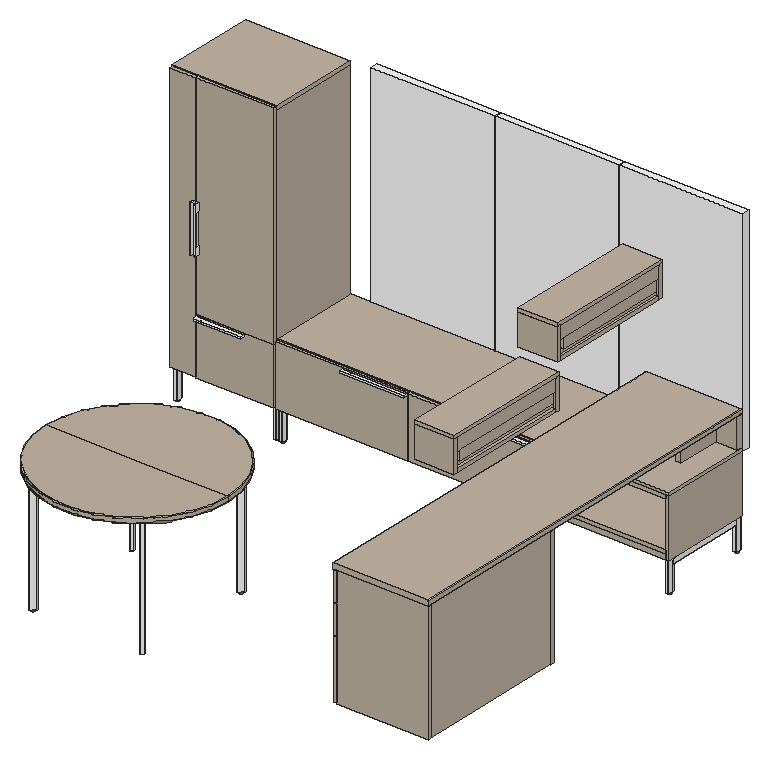
Revit family "FLT005", category Furniture, Revit 2019
Family settings
  OmniClass Number = 23.40.20.00
  OmniClass Title = General Furniture and Specialties
  Work Plane-Based = No
  Always vertical = Yes
  Cut with Voids When Loaded = No
  Shared = Yes
  Room Calculation Point = No
Parameters
  Series = "Flux Laminate"
  Manufacturer = "JSI"
  Description = "FLT005"
Reference planes (in)
  plane 1 "Center Front/Back": y = 0
  plane 2: z = 0
  plane 3 "Center Left/Right": x = 0
Dimensions and locks (in)
  aligned and locked: level to plane 2
Nested families (in)
  nested 1: "JSI-Flux- Lt_File_Pdst_Crdnz_Lg" at (-2.93587, 66.25, 0), type "FLT2290-21L660, Lt File Opn Pdst Crdnz, Fls Lg, Laminate"
    with Width 7' - 6", R_Shocket Dist 1' - 0.29167", R_Pull Dist 4' - 11.61979", R_Pull no, R2_Partition no, Leg Width 7' - 6", L_Socket Dist 7' - 7", Partition Dist 2' - 4.95833", L_Pull Dist 2' - 6.38021", Flush Legs yes, L666 no, L660 yes, Door Width 2' - 6.33333", Door Array Dist 0' - 0", C_Pull Dist 4' - 3.90885"
  nested 2: "JSI-Flux-Wall_Mount_Tack_Panel" at (57.81525, 68.70128, -8.53364), type "FLB3049WT, Wall Mount Tack Panel"
    with Width 2' - 6", Height 4' - 1", Depth 0' - 1.56"
  nested 3: "JSI-Flux-Wall_Mount_Tack_Panel" at (29.31014, 68.7011, -8.53364), type "FLB3049WT, Wall Mount Tack Panel"
    with Width 2' - 6", Height 4' - 1", Depth 0' - 1.56"
  nested 4: "JSI-Flux_9_D_Wall_Mount_Cub" at (39.43755, -10.98165, 22.39107) x (0, -1, 0) z (0, 0, 1), type "FLT0930WCU, 9" D Wall Mount Cub, Laminate"
    with Width 2' - 6", Cubbie Distance 1' - 2 5/8", Cubbie Array dist 0' - 0", # of Cubbies 2
  nested 5: "JSI-Flux_9_D_Wall_Mount_Cub" at (39.3959, 18.74498, 32.4783) x (0, -1, 0) z (0, 0, 1), type "FLT0930WCU, 9" D Wall Mount Cub, Laminate"
    with Width 2' - 6", Cubbie Distance 1' - 2 5/8", Cubbie Array dist 0' - 0", # of Cubbies 2
  nested 6: "JSI-Flux-Round_Table" at (13.73533, -16.15677, 0), type "FLT4242RT,Laminate 42x42 Round Table"
  nested 7: "JSI-Flux-Wall_Mount_Tack_Panel" at (0.79927, 68.70349, -8.53364), type "FLB3049WT, Wall Mount Tack Panel"
    with Width 2' - 6", Height 4' - 1", Depth 0' - 1.56"
  nested 8: "JSI-Flux-Pensl_Crednz" at (40.125, 40.81087, 0.26623) x (0, -1, 0) z (0, 0, 1), type "FLT2290-29FPCK3, BBF Lt Pnsl Crdnz, L, Laminate"
    with Width 7' - 6", V_Top_Support_Dist 0' - 0 1/16", Top_Right_Pull_Dist 0' - 0 7/32", Top_Left_Pull_Dist 0' - 0 7/32", Pdst_L no, Pdst_Dist 4' - 5 15/16", Pdst_Depth 1' - 9 3/4", H_Top_Support_Dist 0' - 1 1/4", Depth 1' - 10", C_Pull_Dist 0' - 0 7/32", Bottom_Pull_Dist 0' - 0 7/32"
  nested 9: "JSI-Flux-Wardrobe-Sc_Ht" at (-27.21717, 66.16678, 0), type "FLT2224-69SL5DWL, File Drw Strg Cab, Wb, L, Fls Lg, Laminate"
    with Top_2_Pull_Dist 2' - 2 1/16", Leg_Width 2' - 0 1/16", H_Void_Width 1' - 6", Top_Shelf_Width 1' - 4 1/2", Width 2' - 0 1/16", C_Shelf_Width 1' - 4 1/2"
Definition of nested family "JSI-Flux- Lt_File_Pdst_Crdnz_Lg"
  Parameters (values of type "Type Catalog - Lt File Pdst Crdnz Lg")
    Worksurface = none
    Width = 8' - 0"
    URL = "www.jsifurniture.com"
    Type Comments = ""
    TAG = if(L666, "1 Drawer - 1 Drawer - 1 Drawer", (if(L66, (if(L0, "Open", "1 Drawer - 1 Drawer")), (if(L066, "Open - 1 Drawer - 1 Drawer", (if(L660, "1 Drawer - 1 Drawer - Open", (if(L06, "Open - 1 Drawer", (if(L60, "1 Drawer - Open", (if(L606, "1 Drawer - Open - 1 Drawer", (if(L060, (if(L0, "Open", "Open - 1 Drawer - Open")), (if(L909, "1 Door - Open - 1 Door", (if(L090, "Open - 1 Door - Open", (if(L09, (if(L0, "Open", "Open - 1 Door")), "Open")))))))))))))))))))))  # "1 Drawer - 1 Drawer - 1 Drawer"
    R_Shocket Dist = if(L666, Width + 0' 1", (if(L066, Width + 0' 1", (if(L606, ((Width / 2) - 0' 3"), ((Partition Dist / 2) + 0' 0 13/16" - 0' 3"))))))  # 8' - 1"
    R_Pull Dist = if(L66, (Door Width + 0' 0 1/4" + 0' 0 5/64"), (if(L06, (Door Width + 0' 0 1/4" + 0' 0 5/64"), (Door Width + (Width - ((Door Width + 0' 0 1/8") * 2) + 0' 0 13/64")))))  # 5' - 3.61979"
    R_Pull = if(L660, 1 > 2, (if(L60, 1 > 2, (if(L060, 1 > 2, (if(L909, 1 > 2, (if(L090, 1 > 2, (if(L09, 1 > 2, (if(L0, 1 > 2, 2 > 1)))))))))))))  # yes
    R2_Partition = if(L660, 1 > 2, (if(L60, 1 > 2, (if(L09, 1 > 2, (if(Width < 3' 4", 1 > 2, 2 > 1)))))))  # yes
    R1_Partition = if(L06, 1 > 2, (if(L606, 1 > 2, (if(L060, 1 > 2, (if(L909, 1 > 2, (if(L090, 1 > 2, (if(Width < 3' 4", 1 > 2, 2 > 1)))))))))))  # yes
    Legs = none
    Leg Width = if(Flush Legs, Width, Width - (((Partition Dist / 2) + 0' 0 3/4" + 0' 0 1/16" - 0' 0 7/32") * 2))  # 5' - 3.85417"
    Leg Depth = Depth - 0' 0 7/8" - 0' 0 1/16"  # 1' - 9 1/16"
    L_Socket Dist = if(L666, Width + 0' 1", (if(L660, Width + 0' 1", (if(L606, ((Width / 2) - 0' 3"), ((Partition Dist / 2) + 0' 0 13/16" - 0' 3"))))))  # 8' - 1"
    Partition Dist = if(Width > 6' 6", ((Width - 0' 1 5/8" - 0' 1 1/2") / 3), (if(Width > 3' 0", (((Width - 0' 1 5/8") / 2) - 0' 0 3/4"), (Width - 0' 0 3/4" - 0' 1 5/8"))))  # 2' - 6.95833"
    Shelf = none
    Series = "FLUX"  # constant formula
    Pull Finish = none
    Model = ""
    Manufacturer = "JSI"  # constant formula
    L_Pull Dist = Door Width + 0' 0 1/8" - 0' 0 5/64"  # 2' - 8.38021"
    L_Pull = if(L066, 1 > 2, (if(L06, 1 > 2, (if(L060, 1 > 2, (if(L909, 1 > 2, (if(L090, 1 > 2, (if(L09, 1 > 2, (if(L0, 1 > 2, 2 > 1)))))))))))))  # yes
    L6 = no
    L2_Partition = if(L60, 1 > 2, (if(L606, 1 > 2, (if(L060, 1 > 2, (if(L909, 1 > 2, (if(L090, 1 > 2, (if(L09, 1 > 2, (if(Width < 3' 4", 1 > 2, 2 > 1)))))))))))))  # yes
    L1_Partition = if(L066, 1 > 2, (if(L06, 1 > 2, (if(Width < 3' 4", 1 > 2, 2 > 1)))))  # yes
    Keynote = "12500"
    JSI Enviromental Website = "http://www.jsifurniture.com/jsi_sustainability_intro.php"
    Height = 1' - 9 1/4"
    Glides = none
    Glide = if(L0, 1 > 2, 2 > 1)  # yes
    Flush Legs = no
    L909 = no
    L666 = yes
    L660 = no
    L66 = no
    L606 = no
    L60 = no
    L090 = no
    L09 = no
    L066 = no
    L060 = no
    L06 = no
    L0 = no
    Door Width = if(L09, Partition Dist + 0' 1 3/8" + 0' 0 3/4", (if(Width < 3' 6", (Width - 0' 0 1/4"), Partition Dist + 0' 1 3/8")))  # 2' - 8.33333"
    Door Height = Height - 0' 7 3/16" - 0' 0 1/4"  # 1' - 1 13/16"
    Door Dist = if(L066, ((Partition Dist * 2) + 0' 1 5/8"), (if(L06, (Partition Dist + 0' 1 5/8"), (if(L060, (Partition Dist + 0' 0 7/8"), (if(L090, (Partition Dist + 0' 0 7/8"), (if(L09, (Partition Dist + 0' 0 7/8"), 0' 0 1/8")))))))))  # 0' - 0 1/8"
    Door Array Dist = if(L606, (Door Width + Partition Dist + 0' 0 1/8"), (if(L909, (Door Width + Partition Dist + 0' 0 1/8"), (if(L666, (Door Width + Partition Dist + 0' 0 1/8"), (if(L66, (Door Width + 0' 0 1/8"), 0' 0")))))))  # 5' - 3.41667"
    Door = if(L0, (if(L6, 2 > 1, 1 > 2)), 2 > 1)  # yes
    C_Pull Dist = if(L066, Door Width + 0' 0 1/8" + 0' 7 55/128" + 0' 0 13/64", (if(L660, (Door Width + (Width - ((Door Width + 0' 0 1/8") * 2) - 0' 0 5/64" - 0' 7 55/128")), Width / 2)))  # 4' - 0"
    C_Pull = if(L666, 2 > 1, (if(L066, 2 > 1, (if(L660, 2 > 1, (if(L6, 2 > 1, (if(L060, (if(L0, 1 > 2, 2 > 1)), 1 > 2)))))))))  # yes
    C_Doors = if(L666, 2 > 1, (if(L066, 2 > 1, (if(L660, 2 > 1, 1 > 2)))))  # yes
    Back Panel = none
    Door Front = none
    Description = ""
    Depth = 1' - 10"
    Chassis = none
    Assembly Code = "E2020200"
    # of Shelf = if(L909, 3, (if(L090, 3, (if(L0, (if(Width > 6' 6", 3, 2)), 2)))))  # 2
    # of Doors = 2
  Reference planes (in)
    plane 1: z = 0
    plane 2 "Center (Left/Right)": x = -36.06413
    plane 3 "Center (Front/Back)": y = 10.75
    plane 4: x = 59.93587
    plane 5: x = -36.00163
    plane 6: y = 10.6875
    plane 7: x = 59.87337
    plane 8: x = 11.93587
    plane 9: y = 10.625
    plane 10: y = -11.25
    plane 11: y = -11.125
    plane 12: y = -10.375
    plane 13: y = 9.875
    plane 14: y = 8.6875
    plane 15: y = 6.5
    plane 16: y = 6
    plane 17: y = 5.875
    plane 18: y = -6.375
    plane 19: y = -8.125
    plane 20: z = 7.1875
    plane 21: z = 8.375
    plane 22: z = 9.125
    plane 23: z = 21.25
    plane 24: z = 20.5
    plane 25: z = 19.75
    plane 26: z = 17.75
    plane 27: z = 13.5625
    plane 28: z = 21.125
    plane 29: x = -4.2933
    plane 30: x = 28.16503
    plane 31: x = -3.5433
    plane 32: x = 27.41503
    plane 33: x = -35.25163
    plane 34: x = 59.12337
    plane 35: x = 9.93587
    plane 36: x = 13.93587
    plane 37: y = 8.4375
    plane 38: z = 16.0625
    plane 39: x = 60.93587
    plane 40: x = 66.93587
    plane 41: x = 8.93587
    plane 42: x = 14.93587
    plane 43: y = 9.375
    plane 44: y = 6.875
    plane 45: z = 20.375
    plane 46: z = 7.3125
    plane 47: z = 21.125
    plane 48: x = -35.93913
    plane 49: x = 59.81087
    plane 50: x = -2.7933
    plane 51: x = 26.66503
    plane 52: x = -3.6058
    plane 53: x = -3.4808
    plane 54: x = 27.35253
    plane 55: x = 27.47753
    plane 56: x = -3.25163
    plane 57: x = 27.7067
    plane 58: x = 61.93587
    plane 59: x = 65.93587
    plane 60: x = -43.06413
    plane 61: x = -37.06413
    plane 62: x = -42.06413
    plane 63: x = -38.06413
    plane 64: x = -34.93913
    plane 65: x = 58.12337
    plane 66: y = -9.375
    plane 67: z = 20.92187
    plane 68: x = -3.68393
    plane 69: x = 11.93587
    plane 70: x = 27.55566
    plane 71: x = 11.93587
    plane 72: y = 0.15625
    plane 73: x = 11.93587
    plane 74: z = 14.8125
  Forms (in)
    Extrusion 1, solid, material <- "Chassis"
      sketch origin (0, 0, 0) x (1, 0, 0) y (0, 1, 0)
        loop
          line (-36.00163, 10.6875) -> (-36.00163, -10.375) -> (-35.25163, -10.375) -> (-35.25163, 10.6875) -> (-36.00163, 10.6875)
      from 7.1875 to 20.5
    Extrusion 2, solid, material <- "Chassis"
      sketch origin (0, 0, 0) x (1, 0, 0) y (0, 1, 0)
        loop
          line (59.12337, 10.6875) -> (59.12337, -10.375) -> (59.87337, -10.375) -> (59.87337, 10.6875) -> (59.12337, 10.6875)
      from 7.1875 to 20.5
    Extrusion 3, solid, material <- "Worksurface"
      sketch origin (0, 0, 0) x (0, 1, 0) y (0, 0, 1)
        loop
          line (6, 19.75) -> (6, 20.5) -> (-10.375, 20.5) -> (-10.375, 19.75) -> (6, 19.75)
      from -35.25163 to 59.12337
    Extrusion 4, solid, material <- "Chassis"
      sketch origin (0, 0, 0) x (0, 1, 0) y (0, 0, 1)
        loop
          line (9.875, 9.125) -> (-10.375, 9.125) -> (-10.375, 8.375) -> (9.875, 8.375) -> (9.875, 9.125)
      from -35.25163 to 59.12337
    Extrusion 5, solid, material <- "Chassis", visible <- "L1_Partition"
      sketch origin (0, 0, 0) x (0, 1, 0) y (0, 0, 1)
        loop
          line (6.5, 19.75) -> (-10.375, 19.75) -> (-10.375, 9.125) -> (9.875, 9.125) -> (9.875, 17.75) -> (7, 17.75)
          arc (7, 17.75) -> (6.64645, 17.89645) -> (6.5, 18.25) r 0.5
          line (6.5, 18.25) -> (6.5, 19.75)
      from -4.2933 to -3.5433
    Extrusion 6, solid, material <- "Chassis", visible <- "R2_Partition"
      sketch origin (0, 0, 0) x (0, 1, 0) y (0, 0, 1)
        loop
          line (6.5, 19.75) -> (-10.375, 19.75) -> (-10.375, 9.125) -> (9.875, 9.125) -> (9.875, 17.75) -> (7, 17.75)
          arc (7, 17.75) -> (6.64645, 17.89645) -> (6.5, 18.25) r 0.5
          line (6.5, 18.25) -> (6.5, 19.75)
      from 27.41503 to 28.16503
    Extrusion 7, solid, material <- "Back Panel"
      sketch origin (0, 0, 0) x (0, 1, 0) y (0, 0, 1)
        loop
          line (8.6875, 20.5) -> (8.6875, 17.75) -> (9.875, 17.75) -> (9.875, 20.5) -> (8.6875, 20.5)
      from -35.25163 to 59.12337
    Extrusion 8, solid, material <- "Chassis"
      sketch origin (0, 0, 0) x (0, 1, 0) y (0, 0, 1)
        loop
          line (9.875, 8.375) -> (5.875, 8.375) -> (5.875, 7.1875) -> (9.875, 7.1875) -> (9.875, 8.375)
      from -35.25163 to 59.12337
    Extrusion 9, solid, material <- "Chassis"
      sketch origin (0, 0, 0) x (0, 1, 0) y (0, 0, 1)
        loop
          line (-6.375, 8.375) -> (-10.375, 8.375) -> (-10.375, 7.1875) -> (-6.375, 7.1875) -> (-6.375, 8.375)
      from -35.25163 to 59.12337
    Extrusion 10, solid, material <- "Back Panel"
      sketch origin (0, 0, 0) x (1, 0, 0) y (0, 1, 0)
        loop
          line (59.12337, 10.625) -> (-35.25163, 10.625) -> (-35.25163, 9.875) -> (59.12337, 9.875) -> (59.12337, 10.625)
      from 7.1875 to 20.5
    Extrusion 11, solid, material <- "Chassis", visible <- "L2_Partition"
      sketch origin (0, 0, 0) x (0, 1, 0) y (0, 0, 1)
        loop
          line (6.5, 19.75) -> (-10.375, 19.75) -> (-10.375, 9.125) -> (9.875, 9.125) -> (9.875, 17.75) -> (7, 17.75)
          arc (7, 17.75) -> (6.64645, 17.89645) -> (6.5, 18.25) r 0.5
          line (6.5, 18.25) -> (6.5, 19.75)
      from -3.5433 to -2.7933
    Extrusion 12, solid, material <- "Chassis", visible <- "R1_Partition"
      sketch origin (0, 0, 0) x (0, 1, 0) y (0, 0, 1)
        loop
          line (6.5, 19.75) -> (-10.375, 19.75) -> (-10.375, 9.125) -> (9.875, 9.125) -> (9.875, 17.75) -> (7, 17.75)
          arc (7, 17.75) -> (6.64645, 17.89645) -> (6.5, 18.25) r 0.5
          line (6.5, 18.25) -> (6.5, 19.75)
      from 26.66503 to 27.41503
    Extrusion 13, void
      sketch origin (-1.5, 0, 0) x (1, 0, 0) y (0, 0, 1)
        loop
          line (62.43587, 15.0625) -> (62.43587, 14.5625)
          arc (62.43587, 14.5625) -> (62.72876, 13.85539) -> (63.43587, 13.5625) r 1
          line (63.43587, 13.5625) -> (67.43587, 13.5625)
          arc (67.43587, 13.5625) -> (68.14297, 13.85539) -> (68.43587, 14.5625) r 1
          line (68.43587, 14.5625) -> (68.43587, 15.0625)
          arc (68.43587, 15.0625) -> (68.14297, 15.76961) -> (67.43587, 16.0625) r 1
          line (67.43587, 16.0625) -> (63.43587, 16.0625)
          arc (63.43587, 16.0625) -> (62.72876, 15.76961) -> (62.43587, 15.0625) r 1
      from -10.75 to -9.875
    Extrusion 14, void
      sketch origin (0, 0, 0) x (1, 0, 0) y (0, 1, 0)
        loop
          line (65.93587, 10.75) -> (61.93587, 10.75) -> (61.93587, 9.875)
          arc (61.93587, 9.875) -> (62.08231, 9.52145) -> (62.43587, 9.375) r 0.5
          line (62.43587, 9.375) -> (65.43587, 9.375)
          arc (65.43587, 9.375) -> (65.78942, 9.52145) -> (65.93587, 9.875) r 0.5
          line (65.93587, 9.875) -> (65.93587, 10.75)
      from 20.125 to 21.125
    Extrusion 15, void
      sketch origin (0, 0, 0) x (1, 0, 0) y (0, 0, 1)
        loop
          arc (-42.06413, 16.0625) -> (-42.77124, 15.76961) -> (-43.06413, 15.0625) r 1
          line (-43.06413, 15.0625) -> (-43.06413, 14.5625)
          arc (-43.06413, 14.5625) -> (-42.77124, 13.85539) -> (-42.06413, 13.5625) r 1
          line (-42.06413, 13.5625) -> (-38.06413, 13.5625)
          arc (-38.06413, 13.5625) -> (-37.35703, 13.85539) -> (-37.06413, 14.5625) r 1
          line (-37.06413, 14.5625) -> (-37.06413, 15.0625)
          arc (-37.06413, 15.0625) -> (-37.35703, 15.76961) -> (-38.06413, 16.0625) r 1
          line (-38.06413, 16.0625) -> (-42.06413, 16.0625)
      from -10.75 to -9.875
    Extrusion 16, solid, material <- "Door Front", visible <- "C_Doors"
      sketch origin (0, 0, 0) x (1, 0, 0) y (0, 1, 0)
        loop
          line (-3.4808, -10.375) -> (-3.4808, -11.125) -> (27.35253, -11.125) -> (27.35253, -10.375) -> (-3.4808, -10.375)
      from 7.3125 to 21.125
    Extrusion 17, solid, material <- "Door Front", visible <- "Door"
      sketch origin (0, 0, 7.125) x (1, 0, 0) y (0, 0, 1)
        loop
          line (-35.93913, 14) -> (-35.93913, 0.1875) -> (-3.6058, 0.1875) -> (-3.6058, 14) -> (-35.93913, 14)
      from 10.375 to 11.125
    Extrusion 18, solid, material <- "Door Front", visible <- "Door"
      sketch origin (63.41667, 0, 7.125) x (1, 0, 0) y (0, 0, 1)
        loop
          line (-35.93913, 14) -> (-35.93913, 0.1875) -> (-3.6058, 0.1875) -> (-3.6058, 14) -> (-35.93913, 14)
      from 10.375 to 11.125
    Extrusion 19, solid, material <- "Worksurface"
      sketch origin (0, 0, 0) x (0, 1, 0) y (0, 0, 1)
        loop
          line (10.75, 21.25) -> (-10.375, 21.25) -> (-10.375, 20.5) -> (10.75, 20.5) -> (10.75, 21.25)
      from -36.06413 to 59.93587
  Cuts and joins
    Extrusion 13, Extrusion 15 cuts Extrusion 10
  Lines and regions (in)
    symbolic lines
      curve 1: line (59.93587, 10.75, 0) -> (-36.06413, 10.75, 0)
      curve 2: line (-36.06413, 10.75, 0) -> (-36.06413, -11.25, 0)
      curve 3: line (59.93587, -11.25, 0) -> (-36.06413, -11.25, 0)
      curve 4: line (59.93587, 10.75, 0) -> (59.93587, -11.25, 0)
    symbolic lines, detail levels medium+fine
      curve 5: line (-36.00163, 10.6875, 0) -> (-36.00163, -10.375, 0)
      curve 6: line (-35.25163, 10.6875, 0) -> (-36.00163, 10.6875, 0)
      curve 7: line (-35.25163, 10.6875, 0) -> (-35.25163, -10.375, 0)
      curve 8: line (-35.25163, -10.375, 0) -> (-36.00163, -10.375, 0)
      curve 9: line (59.12337, 10.6875, 0) -> (59.12337, -11.125, 0)
      curve 10: line (59.87337, 10.6875, 0) -> (59.87337, -11.125, 0)
      curve 11: line (59.87337, 10.6875, 0) -> (59.12337, 10.6875, 0)
      curve 12: line (59.87337, -11.125, 0) -> (59.12337, -11.125, 0)
      curve 13: line (59.12337, 10.625, 0) -> (-35.25163, 10.625, 0)
      curve 14: line (59.12337, 9.875, 0) -> (-35.25163, 9.875, 0)
    symbolic lines, visible <- "L1_Partition", detail levels medium+fine
      curve 15: line (-4.2933, 9.875, 0) -> (-4.2933, -10.375, 0)
      curve 16: line (-3.5433, 9.875, 0) -> (-3.5433, -10.375, 0)
      curve 17: line (-3.5433, 9.875, 0) -> (-4.2933, 9.875, 0)
      curve 18: line (-3.5433, -10.375, 0) -> (-4.2933, -10.375, 0)
    symbolic lines, visible <- "L2_Partition", detail levels medium+fine
      curve 19: line (-3.5433, 9.875, 0) -> (-3.5433, -10.375, 0)
      curve 20: line (-2.7933, 9.875, 0) -> (-2.7933, -10.375, 0)
      curve 21: line (-2.7933, 9.875, 0) -> (-3.5433, 9.875, 0)
      curve 22: line (-2.7933, -10.375, 0) -> (-3.5433, -10.375, 0)
    symbolic lines, visible <- "R1_Partition", detail levels medium+fine
      curve 23: line (26.66503, 9.875, 0) -> (26.66503, -10.375, 0)
      curve 24: line (27.41503, 9.875, 0) -> (27.41503, -10.375, 0)
      curve 25: line (27.41503, 9.875, 0) -> (26.66503, 9.875, 0)
      curve 26: line (27.41503, -10.375, 0) -> (26.66503, -10.375, 0)
    symbolic lines, visible <- "R2_Partition", detail levels medium+fine
      curve 27: line (27.41503, 9.875, 0) -> (27.41503, -10.375, 0)
      curve 28: line (28.16503, 9.875, 0) -> (28.16503, -10.375, 0)
      curve 29: line (28.16503, -10.375, 0) -> (27.41503, -10.375, 0)
      curve 30: line (28.16503, 9.875, 0) -> (27.41503, 9.875, 0)
  Dimensions and locks (in)
    plane 2 "Center (Left/Right)" to plane 5 to plane 48 = 0' - 0 1/16" locked, 0' - 0 1/16" locked
    plane 49 to plane 7 to plane 4 = 0' - 0 1/16" locked, 0' - 0 1/16" locked
    "Width": plane 2 "Center (Left/Right)" to plane 4
    equal spacing: plane 2 "Center (Left/Right)", plane 8, plane 4
    plane 14 to plane 13 to plane 9 to plane 6 to plane 3 "Center (Front/Back)" = 0' - 1 3/16" locked, 0' - 0 3/4" locked, 0' - 0 1/16" locked, 0' - 0 1/16" locked
    "Depth": plane 10 to plane 3 "Center (Front/Back)"
    plane 10 to plane 11 to plane 12 = 0' - 0 1/8" locked, 0' - 0 3/4" locked
    plane 16 to plane 15 to plane 13 = 0' - 0 1/2" locked, 0' - 3 3/8" locked
    locked: plane 17 to plane 13 at 4
    locked: plane 12 to plane 18 at 4
    locked: plane 12 to plane 19 at 2.25
    locked: plane 23 to plane 24 at 0.75
    locked: plane 20 to plane 1 at 7.1875
    plane 24 to plane 25 to plane 26 = 0' - 0 3/4" locked, 0' - 2" locked
    locked: plane 22 to plane 21 at 0.75
    plane 29 to plane 31 to plane 50 = 0' - 0 3/4" locked, 0' - 0 3/4" locked
    plane 51 to plane 32 to plane 30 = 0' - 0 3/4" locked, 0' - 0 3/4" locked
    locked: plane 5 to plane 33 at 0.75
    locked: plane 34 to plane 7 at 0.75
    locked: plane 35 to plane 36 at 4
    equal spacing: plane 35, plane 8, plane 36
    locked: plane 37 to plane 13 at 1.4375
    locked: plane 38 to plane 27 at 2.5
    locked: plane 39 to plane 40 at 6
    locked: plane 41 to plane 42 at 6
    equal spacing: plane 41, plane 8, plane 42
    plane 44 to plane 43 to plane 13 = 0' - 2 1/2" locked, 0' - 0 1/2" locked
    locked: plane 46 to plane 20 at 0.125
    locked: plane 24 to plane 45 at 0.125
    "Door Height": plane 47 to plane 46
    plane 52 to plane 31 to plane 53 = 0' - 0 1/16" locked, 0' - 0 1/16" locked
    plane 54 to plane 32 to plane 55 = 0' - 0 1/16" locked, 0' - 0 1/16" locked
    "Partition Dist": plane 33 to plane 29
    "Partition Dist": plane 30 to plane 34
    Extrusion 13 sketch curve to Extrusion 13 sketch curve = 0' - 6"
    locked: plane 39 to plane 58 at 1
    locked: plane 59 to plane 40 at 1
    locked: plane 60 to plane 61 at 6
    locked: plane 60 to plane 62 at 1
    locked: plane 63 to plane 61 at 1
    "L_Socket Dist": plane 2 "Center (Left/Right)" to plane 39
    "R_Shocket Dist": plane 61 to plane 4
    "Door Height": Extrusion 17 sketch curve to Extrusion 17 sketch curve
    "Door Width": Extrusion 17 sketch curve to Extrusion 17 sketch curve
    "Door Height": Extrusion 18 sketch curve to Extrusion 18 sketch curve
    "Door Width": Extrusion 18 sketch curve to Extrusion 18 sketch curve
    group 1 to group 2 = 5' - 3.41667"
    group 1 to group 2 = 0' - 0"  (x2)
    "Door Array Dist": Extrusion 17 to Extrusion 18
    "Door Dist": Extrusion 17 to plane 2 "Center (Left/Right)"
    locked: plane 48 to plane 64 at 1
    locked: plane 65 to plane 34 at 1
    locked: plane 12 to plane 66 at 1
    locked: plane 47 to plane 67 at 0.20312
    "L_Pull Dist": plane 2 "Center (Left/Right)" to plane 68
    "C_Pull Dist": plane 2 "Center (Left/Right)" to plane 69
    "R_Pull Dist": plane 2 "Center (Left/Right)" to plane 70
    equal spacing: plane 2 "Center (Left/Right)", plane 71, plane 4
    equal spacing: plane 12, plane 72, plane 6
    equal spacing: plane 2 "Center (Left/Right)", plane 73, plane 4
    locked: plane 21 to plane 20 at 1.1875
    "Height": plane 23 to plane 1
    locked: plane 74 to plane 27 at 1.25
    equal spacing: plane 24, plane 74, plane 22
    aligned and locked: level to plane 1
    aligned and locked: Extrusion 1 sketch curve to plane 5
    aligned and locked: Extrusion 1 sketch curve to plane 6
    aligned and locked: Extrusion 1 sketch curve to plane 33
    aligned and locked: Extrusion 1 sketch curve to plane 12
    aligned and locked: Extrusion 2 sketch curve to plane 34
    aligned and locked: Extrusion 2 sketch curve to plane 7
    aligned and locked: Extrusion 2 sketch curve to plane 6
    aligned and locked: Extrusion 2 sketch curve to plane 12
    aligned and locked: plane 24 to Extrusion 1
    aligned and locked: Extrusion 1 to plane 20
    aligned and locked: plane 24 to Extrusion 2
    aligned and locked: Extrusion 2 to plane 20
    aligned and locked: plane 25 to Extrusion 3 sketch curve
    aligned and locked: plane 24 to Extrusion 3 sketch curve
    aligned and locked: plane 16 to Extrusion 3 sketch curve
    aligned and locked: plane 12 to Extrusion 3 sketch curve
    aligned and locked: Extrusion 3 to plane 33
    aligned and locked: plane 34 to Extrusion 3
    aligned and locked: plane 22 to Extrusion 4 sketch curve
    aligned and locked: plane 21 to Extrusion 4 sketch curve
    aligned and locked: plane 13 to Extrusion 4 sketch curve
    aligned and locked: plane 12 to Extrusion 4 sketch curve
    aligned and locked: Extrusion 4 to plane 33
    aligned and locked: plane 34 to Extrusion 4
    aligned and locked: plane 25 to Extrusion 5 sketch curve
    aligned and locked: plane 15 to Extrusion 5 sketch curve
    aligned and locked: plane 26 to Extrusion 5 sketch curve
    aligned and locked: plane 13 to Extrusion 5 sketch curve
    aligned and locked: plane 22 to Extrusion 5 sketch curve
    aligned and locked: plane 12 to Extrusion 5 sketch curve
    aligned and locked: Extrusion 5 to plane 29
    aligned and locked: plane 31 to Extrusion 5
    aligned and locked: plane 25 to Extrusion 6 sketch curve
    aligned and locked: plane 12 to Extrusion 6 sketch curve
    aligned and locked: plane 15 to Extrusion 6 sketch curve
    aligned and locked: plane 26 to Extrusion 6 sketch curve
    aligned and locked: plane 13 to Extrusion 6 sketch curve
    aligned and locked: plane 22 to Extrusion 6 sketch curve
    aligned and locked: plane 30 to Extrusion 6
    aligned and locked: Extrusion 6 to plane 32
    aligned and locked: plane 14 to Extrusion 7 sketch curve
    aligned and locked: plane 13 to Extrusion 7 sketch curve
    aligned and locked: plane 24 to Extrusion 7 sketch curve
    aligned and locked: plane 26 to Extrusion 7 sketch curve
    aligned and locked: Extrusion 7 to plane 33
    aligned and locked: plane 34 to Extrusion 7
    aligned and locked: plane 13 to Extrusion 8 sketch curve
    aligned and locked: plane 17 to Extrusion 8 sketch curve
    aligned and locked: plane 20 to Extrusion 8 sketch curve
    aligned and locked: plane 21 to Extrusion 8 sketch curve
    aligned and locked: plane 18 to Extrusion 9 sketch curve
    aligned and locked: plane 12 to Extrusion 9 sketch curve
    aligned and locked: plane 21 to Extrusion 9 sketch curve
    aligned and locked: plane 20 to Extrusion 9 sketch curve
    aligned and locked: Extrusion 8 to plane 33
    aligned and locked: Extrusion 9 to plane 33
    aligned and locked: plane 34 to Extrusion 8
    aligned and locked: plane 34 to Extrusion 9
    aligned and locked: Extrusion 10 sketch curve to plane 9
    aligned and locked: Extrusion 10 sketch curve to plane 13
    aligned and locked: Extrusion 10 sketch curve to plane 33
    aligned and locked: Extrusion 10 sketch curve to plane 34
    aligned and locked: Extrusion 10 to plane 20
    aligned and locked: plane 24 to Extrusion 10
    aligned and locked: plane 25 to Extrusion 11 sketch curve
    aligned and locked: plane 12 to Extrusion 11 sketch curve
    aligned and locked: plane 13 to Extrusion 11 sketch curve
    aligned and locked: plane 22 to Extrusion 11 sketch curve
    aligned and locked: plane 15 to Extrusion 11 sketch curve
    aligned and locked: plane 26 to Extrusion 11 sketch curve
    aligned and locked: Extrusion 11 to plane 31
    aligned and locked: plane 50 to Extrusion 11
    aligned and locked: plane 25 to Extrusion 12 sketch curve
    aligned and locked: plane 12 to Extrusion 12 sketch curve
    aligned and locked: plane 13 to Extrusion 12 sketch curve
    aligned and locked: plane 22 to Extrusion 12 sketch curve
    aligned and locked: plane 15 to Extrusion 12 sketch curve
    aligned and locked: plane 26 to Extrusion 12 sketch curve
    aligned and locked: plane 32 to Extrusion 12
    aligned and locked: Extrusion 12 to plane 51
    aligned and locked: Extrusion 13 to plane 3 "Center (Front/Back)"
    aligned and locked: plane 13 to Extrusion 13
    aligned and locked: cut or joined group of Extrusion 10, Extrusion 13, Extrusion 15 to plane 39
    aligned and locked: plane 40 to cut or joined group of Extrusion 10, Extrusion 13, Extrusion 15
    aligned and locked: Extrusion 14 sketch curve to plane 3 "Center (Front/Back)"
    aligned and locked: Extrusion 14 sketch curve to plane 43
    aligned and locked: Extrusion 14 sketch curve to plane 58
    aligned and locked: Extrusion 14 sketch curve to plane 59
    aligned and locked: plane 28 to Extrusion 14
    aligned and locked: Extrusion 15 sketch curve to plane 38
    aligned and locked: Extrusion 15 sketch curve to plane 27
    aligned and locked: Extrusion 15 sketch curve to plane 60
    aligned and locked: Extrusion 15 sketch curve to plane 61
    aligned and locked: Extrusion 15 to plane 3 "Center (Front/Back)"
    aligned and locked: plane 13 to Extrusion 15
    aligned and locked: Extrusion 16 sketch curve to plane 53
    aligned and locked: Extrusion 16 sketch curve to plane 54
    aligned and locked: Extrusion 16 sketch curve to plane 12
    aligned and locked: Extrusion 16 sketch curve to plane 11
    aligned and locked: Extrusion 16 to plane 46
    aligned and locked: Extrusion 17 to plane 12
    aligned and locked: plane 11 to Extrusion 17
    aligned and locked: Extrusion 17 to plane 46  (x2)
    aligned and locked: plane 3 "Center (Front/Back)" to Extrusion 19 sketch curve
    aligned and locked: plane 23 to Extrusion 19 sketch curve
    aligned and locked: plane 24 to Extrusion 19 sketch curve
    aligned and locked: Extrusion 19 to plane 2 "Center (Left/Right)"
    aligned and locked: plane 4 to Extrusion 19
    aligned and locked: curve 1 to plane 3 "Center (Front/Back)"
    aligned and locked: curve 2 to plane 2 "Center (Left/Right)"
    aligned and locked: curve 3 to plane 10
    aligned and locked: curve 4 to plane 4
    aligned and locked: plane 67 to nested 1
    aligned and locked: plane 68 to nested 1
    aligned and locked: plane 69 to nested 2
    aligned and locked: plane 67 to nested 2
    aligned and locked: nested 3 to plane 70
    aligned and locked: plane 67 to nested 3
    aligned and locked: plane 11 to nested 1
    aligned and locked: plane 11 to nested 2
    aligned and locked: plane 11 to nested 3
    aligned and locked: plane 10 to nested 4
    aligned and locked: plane 71 to nested 4
    aligned and locked: curve 5 to plane 5
    aligned and locked: curve 6 to plane 6
    aligned and locked: curve 7 to plane 33
    aligned and locked: curve 8 to plane 12
    aligned and locked: curve 9 to plane 34
    aligned and locked: curve 10 to plane 7
    aligned and locked: curve 11 to plane 6
    aligned and locked: curve 12 to plane 11
    aligned and locked: plane 33 to curve 13
    aligned and locked: plane 34 to curve 13
    aligned and locked: plane 34 to curve 14
    aligned and locked: curve 15 to plane 29
    aligned and locked: curve 16 to plane 31
    aligned and locked: curve 17 to plane 13
    aligned and locked: curve 18 to plane 12
    aligned and locked: curve 20 to plane 50
    aligned and locked: curve 21 to plane 13
    aligned and locked: curve 22 to plane 12
    aligned and locked: curve 23 to plane 51
    aligned and locked: curve 25 to plane 13
    aligned and locked: curve 26 to plane 12
    aligned and locked: curve 27 to plane 32
    aligned and locked: curve 28 to plane 30
    aligned and locked: curve 29 to plane 12
    aligned and locked: curve 30 to plane 13
    aligned and locked: plane 47 to Extrusion 16
    aligned and locked: Extrusion 18 to plane 46
    aligned and locked: nested 5 to plane 72
    aligned and locked: plane 73 to nested 5
    aligned and locked: plane 20 to nested 5
    aligned and locked: nested 5 to plane 1
    aligned and locked: plane 28 to plane 47
    aligned and locked: plane 12 to Extrusion 19 sketch curve
  Automatic sketch dimensions
    Extrusion 5 sketch curve to plane 44 = 0' - 0 1/8"
    Extrusion 6 sketch curve to plane 44 = 0' - 0 1/8"
    Extrusion 11 sketch curve to plane 44 = 0' - 0 1/8"
    Extrusion 12 sketch curve to plane 44 = 0' - 0 1/8"
    plane 13 to Extrusion 14 sketch curve = 0' - 0"  (x2)
    Extrusion 15 sketch curve to plane 62 = 0' - 0"  (x2)
    Extrusion 15 sketch curve to plane 63 = 0' - 0"  (x2)
    Extrusion 13 sketch curve to plane 39 = 0' - 0"
    Extrusion 13 sketch curve to plane 27 = 0' - 0"
    Extrusion 13 sketch curve to plane 58 = 0' - 0"  (x2)
    Extrusion 13 sketch curve to plane 38 = 0' - 0"
    Extrusion 13 sketch curve to plane 59 = 0' - 0"  (x2)
    plane 13 to curve 14 = 0' - 0"
    plane 9 to curve 13 = 0' - 0"
  Nested families (in)
    nested 1: "Bar Pull C_Long" at (-14.35519, -11.125, 20.92187), visible <- "L_Pull", Pull Finish <- "Pull Finish", Pull Lines <- "L_Pull", type "PL"
      with Pull Lines yes, Pull Finish none
    nested 2: "Bar Pull C_Long" at (8.69374, -11.125, 20.92187), visible <- "C_Pull", Pull Finish <- "Pull Finish", Pull Lines <- "C_Pull", type "PL"
      with Pull Lines yes, Pull Finish none
    nested 3: "Bar Pull C_Long" at (31.74267, -11.125, 20.92187), visible <- "R_Pull", Pull Finish <- "Pull Finish", Pull Lines <- "R_Pull", type "PL"
      with Pull Lines yes, Pull Finish none
    nested 4: "Label 1-16" at (11.93587, -11.25, 0), type "DRWCFG"
    nested 5: "LEGS" at (-19.99122, 10.6875, 0), LEGS <- "Legs", GLIDES <- "Glides", Width <- "Leg Width", Depth <- "Leg Depth", type "LG"
      with Width 5' - 3.85417", LG yes, LEGS none, GLIDES none, Depth 1' - 9 1/16"
  Definition of nested family "Bar Pull C_Long"
    Parameters
      Stud = Long Pull Width / 7  # 0' - 2.12261"
      Pull Lines [instance] = yes
      Long Pull Width = 1' - 2.85827"
      Pull Finish [instance] = none
    Reference planes (in)
      plane 1 "Center Front/Back": y = 0
      plane 2: z = 0
      plane 3 "Center Left/Right": x = 3.24213
      plane 4: y = -0.125
    Forms (in)
      Extrusion 1, solid, material <- "Pull Finish"
        sketch origin (0, 0, 0) x (1, 0, 0) y (0, 1, 0)
          loop
            line (-4.18701, 0) -> (-4.18701, -0.85113)
            arc (-4.18701, -0.85113) -> (-4.15955, -0.91742) -> (-4.09326, -0.94488) r 0.09375
            line (-4.09326, -0.94488) -> (10.59252, -0.94488)
            arc (10.59252, -0.94488) -> (10.6482, -0.92182) -> (10.67126, -0.86614) r 0.07874
            line (10.67126, -0.86614) -> (10.67126, 0) -> (8.54865, 0) -> (8.54865, -0.70177)
            arc (8.54865, -0.70177) -> (8.51204, -0.79016) -> (8.42365, -0.82677) r 0.125
            line (8.42365, -0.82677) -> (-1.9394, -0.82677)
            arc (-1.9394, -0.82677) -> (-2.02779, -0.79016) -> (-2.0644, -0.70177) r 0.125
            line (-2.0644, -0.70177) -> (-2.0644, 0) -> (-4.18701, 0)
        from -0.43307 to -0.11811
      Extrusion 2, solid, material <- "Pull Finish"
        sketch origin (0, 0, 0) x (1, 0, 0) y (0, 1, 0)
          loop
            line (-4.18701, 0) -> (-4.18701, -0.85113)
            arc (-4.18701, -0.85113) -> (-4.15955, -0.91742) -> (-4.09326, -0.94488) r 0.09375
            line (-4.09326, -0.94488) -> (10.59252, -0.94488)
            arc (10.59252, -0.94488) -> (10.6482, -0.92182) -> (10.67126, -0.86614) r 0.07874
            line (10.67126, -0.86614) -> (10.67126, 0) -> (-4.18701, 0)
        from 0 to -0.11811
    Cuts and joins
      joined: Extrusion 1, Extrusion 2
    Lines and regions (in)
      symbolic lines, visible <- "Pull Lines"
        curve 1: line (-4.18701, -0.125, 0) -> (-4.18701, -0.85113, 0)
        curve 2: line (-4.09326, -0.94488, 0) -> (10.59252, -0.94488, 0)
        curve 3: line (10.67126, -0.86614, 0) -> (10.67126, -0.125, 0)
        curve 4: arc (10.59252, -0.94488, 0) -> (10.6482, -0.92182, 0) -> (10.67126, -0.86614, 0) r 0.07874
        curve 5: arc (-4.18701, -0.85113, 0) -> (-4.15955, -0.91742, 0) -> (-4.09326, -0.94488, 0) r 0.09375
    Dimensions and locks (in)
      equal spacing: Extrusion 1 sketch curve, plane 3 "Center Left/Right", Extrusion 1 sketch curve
      "Stud": Extrusion 1 sketch curve to Extrusion 1 sketch curve  (x2)
      "Long Pull Width": Extrusion 1 sketch curve to Extrusion 1 sketch curve
      locked: plane 4 to plane 1 "Center Front/Back" at 0.125
      aligned and locked: level to plane 2
      aligned and locked: Extrusion 2 sketch curve to Extrusion 1  (x2)
      aligned and locked: cut or joined group of Extrusion 1, Extrusion 2 to curve 1
      aligned and locked: curve 4 to cut or joined group of Extrusion 1, Extrusion 2
      aligned and locked: curve 5 to cut or joined group of Extrusion 1, Extrusion 2
      aligned and locked: plane 4 to curve 1
      aligned and locked: plane 4 to curve 3
    Automatic sketch dimensions
      plane 1 "Center Front/Back" to Extrusion 2 sketch curve = 0' - 0"
      plane 1 "Center Front/Back" to Extrusion 1 sketch curve = 0' - 0"  (x2)
      Extrusion 1 sketch curve to Extrusion 1 sketch curve = 0' - 0 3/32"
      Extrusion 1 sketch curve to Extrusion 1 sketch curve = 0' - 0 1/8"  (x2)
      Extrusion 1 sketch curve to Extrusion 1 sketch curve = 0' - 0.07874"
      plane 4 to Extrusion 1 sketch curve = 0' - 0.57677"
      plane 4 to Extrusion 1 sketch curve = 0' - 0.72613"
  Definition of nested family "LEGS"
    Parameters
      Width [instance] = 2' - 6"
      LG [instance] = yes
      LEGS [instance] = none
      GLIDES [instance] = none
      Depth [instance] = 1' - 9 3/32"
    Reference planes (in)
      plane 1 "Center Front/Back": y = 0
      plane 2: z = 0
      plane 3 "Center Left/Right": x = 0
      plane 4: x = 30
      plane 5: y = -21.09375
      plane 6: x = 0.21441
      plane 7: x = 0.96441
      plane 8: x = 29.03125
      plane 9: x = 29.78125
      plane 10: z = 7.1875
      plane 11: y = -0.0625
      plane 12: y = -1.5625
      plane 13: y = -19.53125
      plane 14: y = -21.03125
      plane 15: y = -10.54687
      plane 16: x = 15
      plane 17: z = 0.30625
    Forms (in)
      Extrusion 1, solid, material <- "LEGS", visible <- "LG"
        sketch origin (0, 0, 0) x (1, 0, 0) y (0, 1, 0)
          loop
            arc (0.33941, -0.0625) -> (0.25102, -0.09911) -> (0.21441, -0.1875) r 0.125
            line (0.21441, -0.1875) -> (0.21441, -1.4375)
            arc (0.21441, -1.4375) -> (0.25102, -1.52589) -> (0.33941, -1.5625) r 0.125
            line (0.33941, -1.5625) -> (0.83941, -1.5625)
            arc (0.83941, -1.5625) -> (0.9278, -1.52589) -> (0.96441, -1.4375) r 0.125
            line (0.96441, -1.4375) -> (0.96441, -0.1875)
            arc (0.96441, -0.1875) -> (0.9278, -0.09911) -> (0.83941, -0.0625) r 0.125
            line (0.83941, -0.0625) -> (0.33941, -0.0625)
          loop
            arc (29.15625, -0.0625) -> (29.06786, -0.09911) -> (29.03125, -0.1875) r 0.125
            line (29.03125, -0.1875) -> (29.03125, -1.4375)
            arc (29.03125, -1.4375) -> (29.06786, -1.52589) -> (29.15625, -1.5625) r 0.125
            line (29.15625, -1.5625) -> (29.65625, -1.5625)
            arc (29.65625, -1.5625) -> (29.74464, -1.52589) -> (29.78125, -1.4375) r 0.125
            line (29.78125, -1.4375) -> (29.78125, -0.1875)
            arc (29.78125, -0.1875) -> (29.74464, -0.09911) -> (29.65625, -0.0625) r 0.125
            line (29.65625, -0.0625) -> (29.15625, -0.0625)
          loop
            arc (29.15625, -19.53125) -> (29.06786, -19.56786) -> (29.03125, -19.65625) r 0.125
            line (29.03125, -19.65625) -> (29.03125, -20.90625)
            arc (29.03125, -20.90625) -> (29.06786, -20.99464) -> (29.15625, -21.03125) r 0.125
            line (29.15625, -21.03125) -> (29.65625, -21.03125)
            arc (29.65625, -21.03125) -> (29.74464, -20.99464) -> (29.78125, -20.90625) r 0.125
            line (29.78125, -20.90625) -> (29.78125, -19.65625)
            arc (29.78125, -19.65625) -> (29.74464, -19.56786) -> (29.65625, -19.53125) r 0.125
            line (29.65625, -19.53125) -> (29.15625, -19.53125)
          loop
            arc (0.33941, -19.53125) -> (0.25102, -19.56786) -> (0.21441, -19.65625) r 0.125
            line (0.21441, -19.65625) -> (0.21441, -20.90625)
            arc (0.21441, -20.90625) -> (0.25102, -20.99464) -> (0.33941, -21.03125) r 0.125
            line (0.33941, -21.03125) -> (0.83941, -21.03125)
            arc (0.83941, -21.03125) -> (0.9278, -20.99464) -> (0.96441, -20.90625) r 0.125
            line (0.96441, -20.90625) -> (0.96441, -19.65625)
            arc (0.96441, -19.65625) -> (0.9278, -19.56786) -> (0.83941, -19.53125) r 0.125
            line (0.83941, -19.53125) -> (0.33941, -19.53125)
        from 0.30625 to 7.1875
      Extrusion 2, solid, material <- "LEGS", visible <- "LG"
        sketch origin (0, 0, 0) x (1, 0, 0) y (0, 0, 1)
          loop
            line (0.33941, 5.6875) -> (0.83941, 5.6875)
            arc (0.83941, 5.6875) -> (0.9278, 5.72411) -> (0.96441, 5.8125) r 0.125
            line (0.96441, 5.8125) -> (0.96441, 7.0625)
            arc (0.96441, 7.0625) -> (0.9278, 7.15089) -> (0.83941, 7.1875) r 0.125
            line (0.83941, 7.1875) -> (0.33941, 7.1875)
            arc (0.33941, 7.1875) -> (0.25102, 7.15089) -> (0.21441, 7.0625) r 0.125
            line (0.21441, 7.0625) -> (0.21441, 5.8125)
            arc (0.21441, 5.8125) -> (0.25102, 5.72411) -> (0.33941, 5.6875) r 0.125
          loop
            line (29.15625, 5.6875) -> (29.65625, 5.6875)
            arc (29.65625, 5.6875) -> (29.74464, 5.72411) -> (29.78125, 5.8125) r 0.125
            line (29.78125, 5.8125) -> (29.78125, 7.0625)
            arc (29.78125, 7.0625) -> (29.74464, 7.15089) -> (29.65625, 7.1875) r 0.125
            line (29.65625, 7.1875) -> (29.15625, 7.1875)
            arc (29.15625, 7.1875) -> (29.06786, 7.15089) -> (29.03125, 7.0625) r 0.125
            line (29.03125, 7.0625) -> (29.03125, 5.8125)
            arc (29.03125, 5.8125) -> (29.06786, 5.72411) -> (29.15625, 5.6875) r 0.125
        from 1.5625 to 19.53125
      Extrusion 3, solid, material <- "LEGS", visible <- "LG"
        sketch origin (0, 0, 0) x (0, 1, 0) y (0, 0, 1)
          loop
            line (-10.03125, 6.9375) -> (-11.0625, 6.9375)
            arc (-11.0625, 6.9375) -> (-11.15089, 6.90089) -> (-11.1875, 6.8125) r 0.125
            line (-11.1875, 6.8125) -> (-11.1875, 5.8125)
            arc (-11.1875, 5.8125) -> (-11.15089, 5.72411) -> (-11.0625, 5.6875) r 0.125
            line (-11.0625, 5.6875) -> (-10.03125, 5.6875)
            arc (-10.03125, 5.6875) -> (-9.94286, 5.72411) -> (-9.90625, 5.8125) r 0.125
            line (-9.90625, 5.8125) -> (-9.90625, 6.8125)
            arc (-9.90625, 6.8125) -> (-9.94286, 6.90089) -> (-10.03125, 6.9375) r 0.125
        from 0.96441 to 29.03125
      Extrusion 4, solid, material <- "GLIDES", visible <- "LG"
        sketch origin (0, 0, 0) x (1, 0, 0) y (0, 1, 0)
          loop
            circle (0.58941, -0.8125) r 0.375
          loop
            circle (0.58941, -20.25) r 0.375
          loop
            circle (29.41059, -0.8125) r 0.375
          loop
            circle (29.41059, -20.25) r 0.375
        from 0 to 0.30625
    Dimensions and locks (in)
      "Width": plane 3 "Center Left/Right" to plane 4
      "Depth": plane 1 "Center Front/Back" to plane 5
      plane 13 to plane 14 to plane 5 = 0' - 1 1/2" locked, 0' - 0 1/16" locked
      plane 1 "Center Front/Back" to plane 11 to plane 12 = 0' - 0 1/16" locked, 0' - 1 1/2" locked
      plane 3 "Center Left/Right" to plane 6 to plane 7 = 0' - 0.21441" locked, 0' - 0 3/4" locked
      plane 8 to plane 9 to plane 4 = 0' - 0 3/4" locked, 0' - 0 7/32" locked
      locked: plane 10 to Extrusion 2 sketch curve at 1.5  (x2)
      plane 10 to Extrusion 3 sketch curve to Extrusion 3 sketch curve = 0' - 0 1/4" locked, 0' - 1 1/4" locked
      equal spacing: plane 3 "Center Left/Right", plane 16, plane 4
      equal spacing: plane 5, plane 15, plane 1 "Center Front/Back"
      equal spacing: Extrusion 3 sketch curve, plane 15, Extrusion 3 sketch curve, locked at 0.64063 each
      locked: plane 13 to Extrusion 4 sketch curve at 0.71875  (x2)
      locked: Extrusion 4 sketch curve to plane 7 at 0.375  (x2)
      locked: Extrusion 4 sketch curve to plane 12 at 0.75  (x2)
      locked: plane 8 to Extrusion 4 sketch curve at 0.37934  (x2)
      plane 10 to plane 17 to plane 2 = 0' - 6.88125" locked, 0' - 0.30625" locked
      aligned and locked: level to plane 2
      aligned and locked: Extrusion 1 sketch curve to plane 11  (x2)
      aligned and locked: plane 6 to Extrusion 1 sketch curve
      aligned and locked: plane 12 to Extrusion 1 sketch curve  (x2)
      aligned and locked: Extrusion 1 sketch curve to plane 7  (x2)
      aligned and locked: plane 8 to Extrusion 1 sketch curve  (x2)
      aligned and locked: Extrusion 1 sketch curve to plane 9  (x2)
      aligned and locked: Extrusion 1 sketch curve to plane 13  (x2)
      aligned and locked: plane 14 to Extrusion 1 sketch curve  (x2)
      aligned and locked: Extrusion 2 sketch curve to plane 6
      aligned and locked: plane 7 to Extrusion 2 sketch curve
      aligned and locked: plane 10 to Extrusion 2 sketch curve  (x2)
      aligned and locked: Extrusion 2 sketch curve to plane 8
      aligned and locked: plane 9 to Extrusion 2 sketch curve
      aligned and locked: plane 10 to Extrusion 1
      aligned and locked: plane 12 to Extrusion 2
      aligned and locked: Extrusion 2 to plane 13
      aligned and locked: Extrusion 3 to plane 7
      aligned and locked: plane 8 to Extrusion 3
      aligned and locked: Extrusion 1 to plane 17
      aligned and locked: Extrusion 4 to level
      aligned and locked: plane 17 to Extrusion 4
    Automatic sketch dimensions
      Extrusion 1 sketch curve to plane 6 = 0' - 0"
      Extrusion 1 sketch curve to Extrusion 1 sketch curve = 0' - 0 1/8"  (x7)
      plane 6 to Extrusion 1 sketch curve = 0' - 0 1/8"  (x2)
      Extrusion 1 sketch curve to plane 7 = 0' - 0 1/8"  (x2)
      plane 8 to Extrusion 1 sketch curve = 0' - 0 1/8"  (x4)
      Extrusion 1 sketch curve to plane 9 = 0' - 0 1/8"
      plane 6 to Extrusion 2 sketch curve = 0' - 0 1/8"  (x2)
      Extrusion 2 sketch curve to plane 7 = 0' - 0 1/8"
      Extrusion 2 sketch curve to Extrusion 2 sketch curve = 0' - 0 1/8"  (x2)
      plane 8 to Extrusion 2 sketch curve = 0' - 0 1/8"  (x2)
      Extrusion 2 sketch curve to plane 9 = 0' - 0 1/8"
      Extrusion 3 sketch curve to Extrusion 3 sketch curve = 0' - 0 1/8"  (x3)
      Extrusion 3 sketch curve to Extrusion 3 sketch curve = 0' - 0"
      Extrusion 3 sketch curve to plane 15 = 0' - 0 41/64"
      radius of Extrusion 4 sketch curve = 0' - 0 3/8"  (x4)
  Definition of nested family "Label 1-16"
    Parameters
      Model Name = "LOW DOOR"
    Reference planes (in)
      plane 1: y = 0
      plane 2: x = 0
    Text (in)
      label "XX" at (0.00051, -0.12324, 0), shows "Model Name"
Definition of nested family "JSI-Flux-Wall_Mount_Tack_Panel"
  Parameters (values of type "Type Catalog - Tackboard for OH Cab")
    Width = 2' - 4 1/4"
    URL = "www.jsifurniture.com"
    Type Comments = ""
    Series = "FLUX"  # constant formula
    OH Elevation = 2' - 5"
    Model = "FLB2931CMB"
    Manufacturer = "JSI"  # constant formula
    Keynote = "12500"
    JSI Enviromental Website = "http://www.jsifurniture.com/jsi_sustainability_intro.php"
    Height = 2' - 6"
    Markerboard = none
    Description = "29\"W x 31\"H, Overhead Cabinet Markerboard"
    Depth = 0' - 0 13/16"
    Assembly Code = "E2020200"
  Reference planes (in)
    plane 1: z = 0
    plane 2 "Center (Left/Right)": x = -36.06413
    plane 3 "Center (Front/Back)": y = 10.75
    plane 4: x = -7.81413
    plane 5: x = -21.93913
    plane 6: z = 59
    plane 7: z = 29
    plane 8: x = -35.31413
    plane 9: x = -8.56413
    plane 10: y = 9.9375
    plane 11: y = 9.125
  Forms (in)
    Extrusion 1, solid, material <- "Markerboard"
      sketch origin (0, 0, 0) x (1, 0, 0) y (0, 0, 1)
        loop
          line (-35.31413, 59) -> (-35.31413, 29) -> (-8.56413, 29) -> (-8.56413, 59) -> (-35.31413, 59)
      from -9.9375 to -9.125
  Lines and regions (in)
    symbolic lines, detail levels medium+fine
      curve 1: line (-35.31413, 9.9375, 0) -> (-8.56413, 9.9375, 0)
      curve 2: line (-35.31413, 9.125, 0) -> (-35.31413, 9.9375, 0)
      curve 3: line (-8.56413, 9.125, 0) -> (-35.31413, 9.125, 0)
      curve 4: line (-8.56413, 9.9375, 0) -> (-8.56413, 9.125, 0)
  Dimensions and locks (in)
    "Width": plane 2 "Center (Left/Right)" to plane 4
    equal spacing: plane 2 "Center (Left/Right)", plane 5, plane 4
    "OH Elevation": plane 7 to plane 1
    "Height": plane 6 to plane 7
    locked: plane 2 "Center (Left/Right)" to plane 8 at 0.75
    locked: plane 9 to plane 4 at 0.75
    locked: plane 10 to plane 3 "Center (Front/Back)" at 0.8125
    "Depth": plane 11 to plane 10
    aligned and locked: level to plane 1
    aligned and locked: plane 8 to Extrusion 1 sketch curve
    aligned and locked: Extrusion 1 sketch curve to plane 9
    aligned and locked: Extrusion 1 sketch curve to plane 6
    aligned and locked: plane 7 to Extrusion 1 sketch curve
    aligned and locked: Extrusion 1 to plane 10
    aligned and locked: plane 11 to Extrusion 1
    aligned and locked: curve 1 to Extrusion 1
    aligned and locked: curve 2 to Extrusion 1
    aligned and locked: curve 3 to plane 11
    aligned and locked: curve 4 to plane 9
Definition of nested family "JSI-Flux_9_D_Wall_Mount_Cub"
  Parameters (values of type "Type Catalog - 9" Wall Mount Cub")
    Top = none
    Width = 8' - 0"
    URL = "www.jsifurniture.com"
    Type Comments = ""
    TAG = "Open"
    Shelf = none
    Series = "FLUX"  # constant formula
    Cubbie Distance = if(Width > 4' 6", ((Width - 0' 0 3/4") / (# of Cubbies + 1)), ((Width / 2) - 0' 0 3/8"))  # 1' - 11 13/16"
    OH Elevation = 2' - 5"
    Model = ""
    Manufacturer = "JSI"  # constant formula
    Keynote = "12500"
    JSI Enviromental Website = "http://www.jsifurniture.com/jsi_sustainability_intro.php"
    Height = 0' - 8"
    Cubbie Array dist = if(Width > 4' 6", ((Width - 0' 0 3/4") / (# of Cubbies + 1)), 0' 0")  # 1' - 11 13/16"
    Back Panel = none
    Description = ""
    Depth = 0' - 9"
    Chassis = none
    Assembly Code = "E2020200"
    # of Cubbies = if(Width > 6' 6", 3, 2)  # 3
  Reference planes (in)
    plane 1: z = 0
    plane 2 "Center (Left/Right)": x = -36.06413
    plane 3 "Center (Front/Back)": y = 10.75
    plane 4: y = 9.25
    plane 5: x = -35.31413
    plane 6: x = 59.93587
    plane 7: x = 59.18587
    plane 8: y = 1.75
    plane 9: x = 11.93587
    plane 10: z = 29
    plane 11: z = 29
    plane 12: z = 36.25
    plane 13: z = 37
    plane 14: y = 9.1875
    plane 15: y = 9.9375
    plane 16: x = -35.31413
    plane 17: x = 59.18587
    plane 18: z = 31.0625
    plane 19: z = 33.25
    plane 20: z = 29.75
    plane 21: x = -34.31413
    plane 22: x = 58.18587
  Forms (in)
    Extrusion 1, solid, material <- "Chassis"
      sketch origin (0, 0, 0) x (1, 0, 0) y (0, 1, 0)
        loop
          line (-36.06413, 10.75) -> (-36.06413, 1.75) -> (-35.31413, 1.75) -> (-35.31413, 10.75) -> (-36.06413, 10.75)
      from 29 to 36.25
    Extrusion 2, solid, material <- "Chassis"
      sketch origin (0, 0, 0) x (1, 0, 0) y (0, 1, 0)
        loop
          line (59.18587, 10.75) -> (59.18587, 1.75) -> (59.93587, 1.75) -> (59.93587, 10.75) -> (59.18587, 10.75)
      from 29 to 36.25
    Extrusion 3, solid, material <- "Top"
      sketch origin (0, 0, 0) x (1, 0, 0) y (0, 0, 1)
        loop
          line (-36.06413, 36.25) -> (59.93587, 36.25) -> (59.93587, 37) -> (-36.06413, 37) -> (-36.06413, 36.25)
      from -10.75 to -1.75
    Extrusion 4, solid, material <- "Shelf"
      sketch origin (0, 0, 0) x (1, 0, 0) y (0, 0, 1)
        loop
          line (-35.31413, 29.75) -> (-35.31413, 29) -> (59.18587, 29) -> (59.18587, 29.75) -> (-35.31413, 29.75)
      from -10.75 to -1.75
    Extrusion 5, solid, material <- "Back Panel"
      sketch origin (0, 0, 0) x (1, 0, 0) y (0, 0, 1)
        loop
          line (-35.31413, 36.25) -> (-35.31413, 29.75) -> (59.18587, 29.75) -> (59.18587, 36.25) -> (-35.31413, 36.25)
      from -9.9375 to -9.1875
    Extrusion 6, solid, material <- "Chassis"
      sketch origin (-7.75, 0, 0) x (1, 0, 0) y (0, 1, 0)
        loop
          line (-4.50163, 9.1875) -> (-4.50163, 1.75) -> (-3.75163, 1.75) -> (-3.75163, 9.1875) -> (-4.50163, 9.1875)
      from 29.75 to 36.25
    Extrusion 7, solid, material <- "Chassis"
      sketch origin (16.0625, 0, 0) x (1, 0, 0) y (0, 1, 0)
        loop
          line (-4.50163, 9.1875) -> (-4.50163, 1.75) -> (-3.75163, 1.75) -> (-3.75163, 9.1875) -> (-4.50163, 9.1875)
      from 29.75 to 36.25
    Extrusion 8, solid, material <- "Back Panel"
      sketch origin (0, 0, 0) x (0, 1, 0) y (0, 0, 1)
        loop
          line (10.75, 36.25) -> (9.9375, 36.25) -> (9.9375, 33.25) -> (10.75, 33.25) -> (10.75, 36.25)
      from -35.31413 to 59.18587
    Extrusion 9, solid, material <- "Back Panel"
      sketch origin (0, 0, 0) x (0, 1, 0) y (0, 0, 1)
        loop
          line (10.75, 33.25) -> (9.9375, 33.25) -> (9.9375, 31.0625) -> (10.75, 31.0625) -> (10.75, 33.25)
      from -34.31413 to 58.18587
    Extrusion 10, solid, material <- "Chassis"
      sketch origin (39.875, 0, 0) x (1, 0, 0) y (0, 1, 0)
        loop
          line (-4.50163, 9.1875) -> (-4.50163, 1.75) -> (-3.75163, 1.75) -> (-3.75163, 9.1875) -> (-4.50163, 9.1875)
      from 29.75 to 36.25
  Lines and regions (in)
    symbolic lines
      curve 1: line (-36.06413, 10.75, 0) -> (-36.06413, 1.75, 0)
      curve 2: line (59.93587, 10.75, 0) -> (-36.06413, 10.75, 0)
      curve 3: line (59.93587, 10.75, 0) -> (59.93587, 1.75, 0)
      curve 4: line (59.93587, 1.75, 0) -> (-36.06413, 1.75, 0)
    symbolic lines, detail levels medium+fine
      curve 5: line (-35.31413, 9.9375, 0) -> (-35.31413, 1.75, 0)
      curve 6: line (59.18587, 9.9375, 0) -> (-35.31413, 9.9375, 0)
      curve 7: line (59.18587, 9.9375, 0) -> (59.18587, 1.75, 0)
      curve 8: line (-12.25163, 9.1875, 0) -> (-12.25163, 1.75, 0)
      curve 9: line (-11.50163, 1.75, 0) -> (-11.50163, 9.1875, 0)
      curve 10: line (11.56087, 9.1875, 0) -> (11.56087, 1.75, 0)
      curve 11: line (12.31087, 1.75, 0) -> (12.31087, 9.1875, 0)
      curve 12: line (35.37337, 9.1875, 0) -> (35.37337, 1.75, 0)
      curve 13: line (36.12337, 1.75, 0) -> (36.12337, 9.1875, 0)
      curve 14: line (-11.50163, 9.1875, 0) -> (-12.25163, 9.1875, 0)
      curve 15: line (-12.25163, 1.75, 0) -> (-11.50163, 1.75, 0)
      curve 16: line (12.31087, 9.1875, 0) -> (11.56087, 9.1875, 0)
      curve 17: line (11.56087, 1.75, 0) -> (12.31087, 1.75, 0)
      curve 18: line (36.12337, 9.1875, 0) -> (35.37337, 9.1875, 0)
      curve 19: line (35.37337, 1.75, 0) -> (36.12337, 1.75, 0)
  Dimensions and locks (in)
    "Width": plane 2 "Center (Left/Right)" to plane 6
    locked: plane 2 "Center (Left/Right)" to plane 5 at 0.75
    locked: plane 7 to plane 6 at 0.75
    equal spacing: plane 2 "Center (Left/Right)", plane 9, plane 6
    "Height": plane 13 to plane 10
    "OH Elevation": plane 10 to plane 1
    plane 13 to plane 12 to plane 18 = 0' - 0 3/4" locked, 0' - 5 3/16" locked
    locked: plane 14 to plane 4 at 0.0625
    plane 2 "Center (Left/Right)" to plane 16 = 0' - 0 3/4"
    equal spacing: group 1, group 2, group 3, group 4, group 5, group 6  (x3)
    plane 14 to plane 15 to plane 3 "Center (Front/Back)" = 0' - 0 3/4" locked, 0' - 0 13/16" locked
    locked: plane 12 to plane 19 at 3
    equal spacing: group 7, group 8, group 9  (x3)
    "Cubbie Distance": plane 2 "Center (Left/Right)" to Extrusion 6
    "Cubbie Array dist": Extrusion 6 to Extrusion 7
    locked: plane 20 to plane 11 at 0.75
    "Depth": plane 8 to plane 3 "Center (Front/Back)"
    locked: plane 16 to plane 21 at 1
    locked: plane 22 to plane 17 at 1
    aligned and locked: level to plane 1
    aligned and locked: Extrusion 1 sketch curve to plane 2 "Center (Left/Right)"
    aligned and locked: Extrusion 1 sketch curve to plane 5
    aligned and locked: Extrusion 1 sketch curve to plane 3 "Center (Front/Back)"
    aligned and locked: Extrusion 1 sketch curve to plane 8
    aligned and locked: Extrusion 2 sketch curve to plane 7
    aligned and locked: Extrusion 2 sketch curve to plane 6
    aligned and locked: Extrusion 2 sketch curve to plane 3 "Center (Front/Back)"
    aligned and locked: Extrusion 2 sketch curve to plane 8
    aligned and locked: plane 12 to Extrusion 1
    aligned and locked: plane 12 to Extrusion 2
    aligned and locked: Extrusion 1 to plane 10
    aligned and locked: Extrusion 2 to plane 10
    aligned and locked: Extrusion 3 sketch curve to plane 12
    aligned and locked: Extrusion 3 sketch curve to plane 13
    aligned and locked: Extrusion 3 sketch curve to plane 2 "Center (Left/Right)"
    aligned and locked: Extrusion 3 sketch curve to plane 6
    aligned and locked: Extrusion 4 sketch curve to plane 11
    aligned and locked: Extrusion 4 sketch curve to plane 5
    aligned and locked: Extrusion 4 sketch curve to plane 7
    aligned and locked: Extrusion 3 to plane 3 "Center (Front/Back)"
    aligned and locked: plane 8 to Extrusion 3
    aligned and locked: plane 8 to Extrusion 4
    aligned and locked: Extrusion 5 sketch curve to plane 12
    aligned and locked: Extrusion 5 sketch curve to plane 5
    aligned and locked: Extrusion 5 sketch curve to plane 7
    aligned and locked: Extrusion 5 to plane 15
    aligned and locked: plane 14 to Extrusion 5
    aligned and locked: plane 12 to Extrusion 6
    aligned and locked: plane 9 to nested 1
    aligned and locked: curve 1 to plane 2 "Center (Left/Right)"
    aligned and locked: curve 2 to plane 3 "Center (Front/Back)"
    aligned and locked: curve 3 to plane 6
    aligned and locked: curve 4 to plane 8
    aligned and locked: plane 17 to plane 7
    aligned and locked: plane 10 to plane 11
    aligned and locked: Extrusion 4 sketch curve to plane 20
    aligned and locked: Extrusion 5 sketch curve to plane 20
    aligned and locked: Extrusion 4 to plane 3 "Center (Front/Back)"
    aligned and locked: Extrusion 6 to plane 20
    aligned and locked: plane 20 to Extrusion 6
    aligned and locked: Extrusion 7 to plane 20
    aligned and locked: plane 3 "Center (Front/Back)" to Extrusion 8 sketch curve
    aligned and locked: plane 15 to Extrusion 8 sketch curve
    aligned and locked: plane 12 to Extrusion 8 sketch curve
    aligned and locked: plane 19 to Extrusion 8 sketch curve
    aligned and locked: plane 3 "Center (Front/Back)" to Extrusion 9 sketch curve
    aligned and locked: plane 15 to Extrusion 9 sketch curve
    aligned and locked: plane 19 to Extrusion 9 sketch curve
    aligned and locked: plane 18 to Extrusion 9 sketch curve
    aligned and locked: Extrusion 8 to plane 16
    aligned and locked: plane 17 to Extrusion 8
    aligned and locked: Extrusion 9 to plane 21
    aligned and locked: plane 22 to Extrusion 9
    aligned and locked: plane 8 to Extrusion 6
    aligned and locked: Extrusion 6 to plane 14
    aligned and locked: Extrusion 7 to plane 14
    aligned and locked: plane 8 to nested 1
    aligned and locked: curve 5 to plane 16
    aligned and locked: curve 6 to plane 15
    aligned and locked: curve 7 to plane 17
    aligned and locked: plane 8 to curve 5
    aligned and locked: plane 8 to curve 7
    aligned and locked: curve 8 to Extrusion 6
    aligned and locked: curve 9 to Extrusion 6
    aligned and locked: curve 10 to Extrusion 7
    aligned and locked: curve 11 to Extrusion 7
    aligned and locked: curve 12 to Extrusion 10
